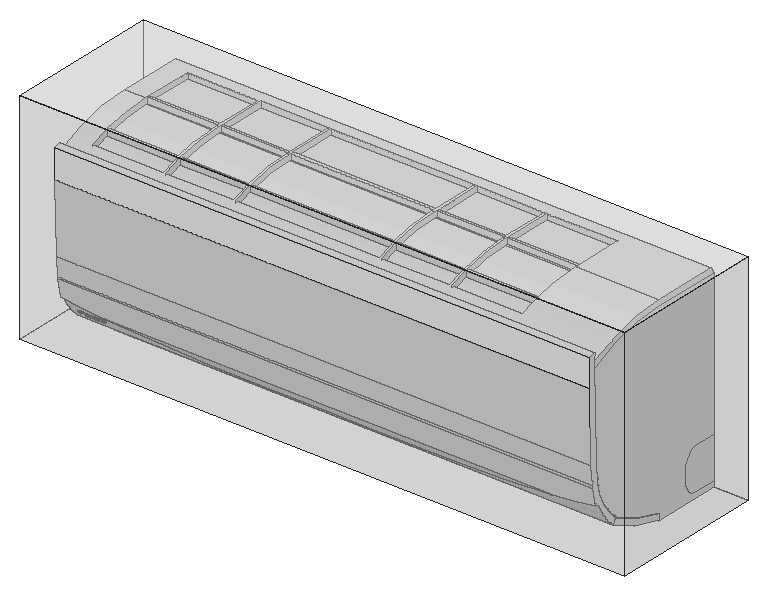
Revit family "outputfile", category 機械設備, Revit 2024
Family settings
  丸型コネクタ寸法 = 半径を使用
  パーツ タイプ = 標準
  OmniClass 番号 = 23.75.10.24.21.27.27
  OmniClass タイトル = Split System Air Conditioning Units
  作業面ベース = いいえ
  常に垂直 = はい
  ロード時にボイドで切り取り = いいえ
  注釈の向きを維持 = いいえ
  共有 = いいえ
  部屋計算ポイント = いいえ
Parameters (values of type "FTKM25Q2VMA")
  書き出し IFC クラス(タイプ) = "IfcUnitaryEquipmentType"
  定義済み IFC タイプ(タイプ) = "AIRCONDITIONINGUNIT"
  Cost = 0
  Type Comments = ""
  Keynote = ""
  Type Image = (empty or 0)
  Assembly Code = ""
  w_wall hole = if(Width = 770.0 mm, 48.0 mm, 60.0 mm)  # 48.0 mm
  製造元 = "Daikin"
  モデル = "FTKM25Q2VMA"
  switch_frequency = yes
  r_Liquid Pipe Size = Liquid Pipe Size / 2  # 3.2 mm
  r_Gas Pipe Size = Gas Pipe Size / 2  # 4.75 mm
  r_Drain Pipe Size = Drain Pipe Size / 2  # 8.0 mm
  lw_powersupply [instance] = if(Width = 770.0 mm, if(or(Rear Right Connection_refrigerant, Bottom Right Connection_refrigerant), 25.0 mm, if(or(Rear Left Connection_refrigerant, Bottom Left Connection_refrigerant), 745.0 mm, 400.0 mm)), if(Width = 990.0 mm, if(or(Rear Right Connection_refrigerant, Bottom Right Connection_refrigerant), 40.0 mm, if(or(Rear Left Connection_refrigerant, Bottom Left Connection_refrigerant), 920.0 mm, 400.0 mm)), if(or(Rear Right Connection_refrigerant, Bottom Right Connection_refrigerant), 40.0 mm, if(or(Rear Left Connection_refrigerant, Bottom Left Connection_refrigerant), 920.0 mm, 400.0 mm))))  # 400.0 mm
  lw_liquidpipe [instance] = if(Width = 770.0 mm, if(or(Rear Right Connection_refrigerant, Bottom Right Connection_refrigerant), 0.0 mm, if(or(Rear Left Connection_refrigerant, Bottom Left Connection_refrigerant), 664.0 mm, 385.0 mm)), if(Width = 990.0 mm, if(or(Rear Right Connection_refrigerant, Bottom Right Connection_refrigerant), 0.0 mm, if(or(Rear Left Connection_refrigerant, Bottom Left Connection_refrigerant), 664.0 mm + (990.0 mm - 770.0 mm), 475.0 mm)), if(or(Rear Right Connection_refrigerant, Bottom Right Connection_refrigerant), 0.0 mm, if(or(Rear Left Connection_refrigerant, Bottom Left Connection_refrigerant), 664.0 mm + (990.0 mm - 770.0 mm), 475.0 mm))))  # 385.0 mm
  lw_gaspipe [instance] = if(Width = 770.0 mm, if(or(Rear Right Connection_refrigerant, Bottom Right Connection_refrigerant), 0.0 mm, if(or(Rear Left Connection_refrigerant, Bottom Left Connection_refrigerant), 675.0 mm, if(Gas Pipe Size = 12.7 mm, 345.0 mm, 335.0 mm))), if(Width = 990.0 mm, if(or(Rear Right Connection_refrigerant, Bottom Right Connection_refrigerant), 10.0 mm, if(or(Rear Left Connection_refrigerant, Bottom Left Connection_refrigerant), 890.0 mm, if(Gas Pipe Size = 15.9 mm, 410.0 mm, 400.0 mm))), if(or(Rear Right Connection_refrigerant, Bottom Right Connection_refrigerant), 10.0 mm, if(or(Rear Left Connection_refrigerant, Bottom Left Connection_refrigerant), 890.0 mm, if(Gas Pipe Size = 15.9 mm, 410.0 mm, 400.0 mm)))))  # 335.0 mm
  lw_drainpipe [instance] = if(Width = 770.0 mm, if(or(Rear Right Connection_refrigerant, Bottom Right Connection_refrigerant), 0.0 mm, if(or(Rear Left Connection_refrigerant, Bottom Left Connection_refrigerant), 770.0 mm - 48.0 mm - 48.0 mm, 440.0 mm)), if(Width = 990.0 mm, if(or(Rear Right Connection_refrigerant, Bottom Right Connection_refrigerant), 0.0 mm, if(or(Rear Left Connection_refrigerant, Bottom Left Connection_refrigerant), 675.0 mm + (990.0 mm - 770.0 mm), 435.0 mm)), if(or(Rear Right Connection_refrigerant, Bottom Right Connection_refrigerant), 0.0 mm, if(or(Rear Left Connection_refrigerant, Bottom Left Connection_refrigerant), 675.0 mm + (990.0 mm - 770.0 mm), 435.0 mm))))  # 440.0 mm
  l_powersupply_length [instance] = if(Width = 770.0 mm, if(Right Connection_refrigerant, 400.0 mm, if(Left Connection_refrigerant, 770.0 mm - 400.0 mm, if(or(Rear Left Connection_refrigerant, Rear Right Connection_refrigerant), 15.0 mm, 50.0 mm))), if(Width = 990.0 mm, if(Right Connection_refrigerant, 400.0 mm, if(Left Connection_refrigerant, 990.0 mm - 400.0 mm, if(or(Rear Left Connection_refrigerant, Rear Right Connection_refrigerant), 15.0 mm, 50.0 mm))), if(Right Connection_refrigerant, 400.0 mm, if(Left Connection_refrigerant, 990.0 mm - 400.0 mm, if(or(Rear Left Connection_refrigerant, Rear Right Connection_refrigerant), 15.0 mm, 50.0 mm)))))  # 400.0 mm
  l_liquidpipe_length [instance] = if(Width = 770.0 mm, if(Right Connection_refrigerant, 433.0 mm, if(Left Connection_refrigerant, 337.0 mm, if(or(Rear Left Connection_refrigerant, Rear Right Connection_refrigerant), 30.0 mm, 40.0 mm))), if(Width = 990.0 mm, if(Right Connection_refrigerant, 535.0 mm, if(Left Connection_refrigerant, 455.0 mm, if(or(Rear Left Connection_refrigerant, Rear Right Connection_refrigerant), 30.0 mm, 40.0 mm))), if(Right Connection_refrigerant, 535.0 mm, if(Left Connection_refrigerant, 455.0 mm, if(or(Rear Left Connection_refrigerant, Rear Right Connection_refrigerant), 30.0 mm, 40.0 mm)))))  # 433.0 mm
  l_gaspipe_length [instance] = if(Width = 770.0 mm, if(Right Connection_refrigerant, if(Gas Pipe Size = 12.7 mm, 393.0 mm, 383.0 mm), if(Left Connection_refrigerant, if(Gas Pipe Size = 12.7 mm, 770.0 mm - 393.0 mm, 770.0 mm - 383.0 mm), if(or(Rear Left Connection_refrigerant, Rear Right Connection_refrigerant), 40.0 mm, 50.0 mm))), if(Width = 990.0 mm, if(Right Connection_refrigerant, if(Gas Pipe Size = 15.9 mm, 470.0 mm, 460.0 mm), if(Left Connection_refrigerant, if(Gas Pipe Size = 15.9 mm, 990.0 mm - 470.0 mm, 990.0 mm - 460.0 mm), if(or(Rear Left Connection_refrigerant, Rear Right Connection_refrigerant), 40.0 mm, 50.0 mm))), if(Right Connection_refrigerant, if(Gas Pipe Size = 15.9 mm, 470.0 mm, 460.0 mm), if(Left Connection_refrigerant, if(Gas Pipe Size = 15.9 mm, 990.0 mm - 470.0 mm, 990.0 mm - 460.0 mm), if(or(Rear Left Connection_refrigerant, Rear Right Connection_refrigerant), 40.0 mm, 50.0 mm)))))  # 383.0 mm
  l_drainpipe_length [instance] = if(Width = 770.0 mm, if(Right Connection_refrigerant, 488.0 mm, if(Left Connection_refrigerant, 282.0 mm, if(or(Rear Left Connection_refrigerant, Rear Right Connection_refrigerant), 15.0 mm, 20.0 mm))), if(Width = 990.0 mm, if(Right Connection_refrigerant, 495.0 mm, if(Left Connection_refrigerant, 495.0 mm, if(or(Rear Left Connection_refrigerant, Rear Right Connection_refrigerant), 15.0 mm, 20.0 mm))), if(Right Connection_refrigerant, 495.0 mm, if(Left Connection_refrigerant, 495.0 mm, if(or(Rear Left Connection_refrigerant, Rear Right Connection_refrigerant), 15.0 mm, 20.0 mm)))))  # 488.0 mm
  h*** = 0.0 mm  # constant formula
  connector_voltage = Voltage_50Hz  # 230 V
  connector_powerinput = [Power Input (Cooling)]  # 0.000 kW
  connector_phase = Phase_50Hz  # 1
  angle_vertical [instance] = if(or(Bottom Left Connection_refrigerant, Bottom Right Connection_refrigerant), 0.00°, 90.00°)  # 90.00°
  angle_horizontal [instance] = if(Right Connection_refrigerant, 90.00°, if(Left Connection_refrigerant, -90.00°, if(or(Rear Left Connection_refrigerant, Rear Right Connection_refrigerant), 180.00°, 0.00°)))  # 90.00°
  Width = 770.0 mm
  Voltage_comment_50Hz = "220 - 240"
  Voltage_50Hz = 230 V
  Version = "ver.1.0"
  Unit Type = "Wall Mounted"
  Unit Mass Weight = 9.00 kg
  Unit Designation [instance] = ""
  Uniclass2015Version = "Products v1.30"
  Uniclass2015Title = "Split coil room air conditioning units"
  Uniclass2015Code = "Pr_70_65_03_86"
  URL = ""
  Total Cooling Capacity [instance] = 0.000 kW
  Sound Pressure Level_M speed (dBA) = 32
  Sound Pressure Level_L speed (dBA) = 25
  Sound Pressure Level_H speed (dBA) = 40
  Sound Power Level_H speed (dB) = 0
  Series = "Single Split_Fan Coil Unit"
  Sensible Cooling Capacity [instance] = 0.000 kW
  Refrigerant Type = "R32"
  Power Input (Cooling) = 0.000 kW
  Phase_50Hz = 1
  Option Accessory 3 [instance] = ""
  Option Accessory 2 [instance] = ""
  Option Accessory 1 [instance] = ""
  Nominal Cooling Capacity = 2.500 kW
  Minimum Circuit Amps_50Hz = 0.0 A
  Minimum Airflow = 300.00 m³/h
  Median Airflow = 426.00 m³/h
  Maximum Fuse Amps_50Hz = 0.0 A
  Maximum Airflow = 600.00 m³/h
  Material_Casing = DAIKIN_PureWhite_Casing_indoorunit
  Load Classification = HVAC
  Liquid Pipe Size = 6.4 mm
  Link_Nested Family [instance] = ""
  IfcVersion = ""
  IfcExportType = "AIRCONDITIONINGUNIT"
  IfcExportAs = "IfcUnitaryEquipmentType"
  Height = 285.0 mm
  Heat Exchanger Type = "Cross Fin Coil"
  Gas Pipe Size = 9.5 mm
  Frequency_50Hz = 50 Hz
  Fan Type = "Cross Flow Fan"
  Fan Drive = "Direct Drive"
  FCU Tag No. [instance] = ""
  Drain Pipe Size = 16.0 mm
  Design Supply Airflow [instance] = 0.00 m³/h
  Description = ""
  Depth = 223.0 mm
  既定の高さ = 0.0 mm
  Cooling Entering Wet Bulb Temperature [instance] = 0.00 °C
  Cooling Entering Dry Bulb Temperature [instance] = 0.00 °C
  Cooling Ambient Wet Bulb Temperature [instance] = 0.00 °C
  Cooling Ambient Dry Bulb Temperature [instance] = 0.00 °C
  Clearance visibility [instance] = yes
  Clearance Top = 30.0 mm
  Clearance Right = 50.0 mm
  Clearance Rear = 0.0 mm
  Clearance Left = 50.0 mm
  Clearance Front = 0.0 mm
  Clearance Bottom = 0.0 mm
  Bottom Right Connection_refrigerant [instance] = no
  Bottom Left Connection_refrigerant [instance] = no
  Rear Right Connection_refrigerant [instance] = no
  Rear Left Connection_refrigerant [instance] = no
  Right Connection_refrigerant [instance] = yes
  Left Connection_refrigerant [instance] = no
Reference planes
  plane 1 "Back": y = 0
  plane 2: z = 0
  plane 3 "Center (Left/Right)": x = 0
  plane 4 "Center (Front/Back)": y = -111.5
  plane 5 "Front": y = -223
  plane 6 "Left": x = -385
  plane 7 "Right": x = 385
  plane 8 "Top": z = 0
  plane 9 "Bottom": z = -285
  plane 10: x = -435
  plane 11: x = 435
  plane 12: y = 0
  plane 13: y = -223
  plane 14: z = 30
  plane 15: z = -285
  plane 16 "lw_Piping and Wiring intake": x = 337
  plane 17 "lw_gaspipe": x = 2
  plane 18 "lw_liquidpipe": x = -48
  plane 19 "lw_drainpipe": x = -103
  plane 20 "lh_drainpipe": z = -265
  plane 21 "lh_liquidpipe": z = -245
  plane 22 "lh_gaspipe": z = -235
  plane 23 "ld_drainpipe": y = -15
  plane 24 "ld_liquidpipe": y = -30
  plane 25 "ld_gaspipe": y = -40
  plane 26 "lw_powersupply": x = -15
Dimensions and locks
  equal spacing: plane 6 "Left", plane 3 "Center (Left/Right)", plane 7 "Right"
  "Width": plane 6 "Left" to plane 7 "Right"
  equal spacing: plane 5 "Front", plane 4 "Center (Front/Back)", plane 1 "Back"
  "Depth": plane 5 "Front" to plane 1 "Back"
  "Height": plane 8 "Top" to plane 9 "Bottom"
  "Clearance Rear": plane 12 to plane 1 "Back"
  "Clearance Front": plane 13 to plane 5 "Front"
  "Clearance Top": plane 14 to plane 8 "Top"
  "Clearance Bottom": plane 9 "Bottom" to plane 15
  "w_wall hole": plane 16 "lw_Piping and Wiring intake" to plane 7 "Right"
  "lw_gaspipe": plane 17 "lw_gaspipe" to plane 16 "lw_Piping and Wiring intake"
  "lw_liquidpipe": plane 18 "lw_liquidpipe" to plane 16 "lw_Piping and Wiring intake"
  "lw_drainpipe": plane 19 "lw_drainpipe" to plane 16 "lw_Piping and Wiring intake"
  locked: plane 20 "lh_drainpipe" to plane 9 "Bottom" at 20
  locked: plane 21 "lh_liquidpipe" to plane 9 "Bottom" at 40
  locked: plane 22 "lh_gaspipe" to plane 9 "Bottom" at 50
  locked: plane 23 "ld_drainpipe" to plane 1 "Back" at 15
  locked: plane 1 "Back" to plane 24 "ld_liquidpipe" at 30
  locked: plane 1 "Back" to plane 25 "ld_gaspipe" at 40
  "lw_powersupply": plane 26 "lw_powersupply" to plane 7 "Right"
  "Clearance Right": plane 7 "Right" to plane 11
  "Clearance Left": plane 10 to plane 6 "Left"
  aligned and locked: level to plane 2
  aligned and locked: plane 12 to nested 1
  aligned and locked: nested 1 to plane 13
  aligned and locked: plane 10 to nested 1
  aligned and locked: plane 11 to nested 1
  aligned and locked: plane 15 to nested 1
  aligned and locked: plane 14 to nested 1
  aligned and locked: plane 17 "lw_gaspipe" to nested 2
  aligned and locked: nested 2 to plane 25 "ld_gaspipe"
  aligned and locked: plane 18 "lw_liquidpipe" to nested 3
  aligned and locked: nested 3 to plane 24 "ld_liquidpipe"
  aligned and locked: plane 19 "lw_drainpipe" to nested 4
  aligned and locked: nested 4 to plane 23 "ld_drainpipe"
  aligned and locked: nested 5 to plane 23 "ld_drainpipe"
  aligned and locked: plane 26 "lw_powersupply" to nested 5
  aligned and locked: level to plane 8 "Top"
  aligned and locked: plane 3 "Center (Left/Right)" to nested 6
  aligned and locked: plane 1 "Back" to nested 6
  aligned and locked: plane 8 "Top" to nested 6
Nested families
  nested 1: "daikin_clearancespace" at (0, -111.5, -127.381), show <- "Clearance visibility", visible <- "Clearance visibility", Link_Nested Family <- "Link_Nested Family", type "daikin_clearancespace"
    with width 870.0 mm, show yes, height 315.0 mm, depth 223.0 mm, Link_Nested Family ""
  nested 2: "daikin_connector_rotate3" at (2, -40, -235), angle_vertical <- "angle_vertical", angle_horizontal <- "angle_horizontal", length <- "l_gaspipe_length", radius <- "r_Gas Pipe Size", type "daikin_connector_rotate3"
    with show no, radius 4.75 mm, length 383.0 mm, angle_vertical 90.00°, angle_horizontal 90.00°
  nested 3: "daikin_connector_rotate3" at (-48, -30, -245), angle_vertical <- "angle_vertical", angle_horizontal <- "angle_horizontal", radius <- "r_Liquid Pipe Size", length <- "l_liquidpipe_length", type "daikin_connector_rotate3"
    with show no, radius 3.2 mm, length 433.0 mm, angle_vertical 90.00°, angle_horizontal 90.00°
  nested 4: "daikin_connector_rotate3" at (-103, -15, -265), angle_vertical <- "angle_vertical", angle_horizontal <- "angle_horizontal", length <- "l_drainpipe_length", radius <- "r_Drain Pipe Size", type "daikin_connector_rotate3"
    with show no, radius 8.0 mm, length 488.0 mm, angle_vertical 90.00°, angle_horizontal 90.00°
  nested 5: "daikin_connector_rotate3" at (-15, -15, -235), angle_vertical <- "angle_vertical", angle_horizontal <- "angle_horizontal", length <- "l_powersupply_length", type "daikin_connector_rotate3"
    with show no, radius 10.0 mm, length 400.0 mm, angle_vertical 90.00°, angle_horizontal 90.00°
  nested 6: "DAIKIN_indoorunit_FTKM-Q2VMA" at (-31, 0, 0), type "FTKM-Q2VMA"
Connectors
  piping at (385, -40, -235), diameter 9.5, driven by "r_Gas Pipe Size"
    settings: on nested 2, index 1, connector inside diameter 609.6 mm, connector length 0.0 mm, flow factor 0, pipe flow 0.00 m³/h, pressure drop 0.0 Pa, fitting loss kfactor 0, connector angle 0.00°, fixture units 0, engagement length 0.0 mm, angle of deflection 0.00°, flow configuration 1, flow direction 2, fitting loss method 0, system type 29, joint type 0, gender type 0, connector reference index -1, connector utility 0, adjustable connector no, is connector primary yes, connector description "Refrigerant Gas Piping"
  piping at (385, -30, -245), diameter 6.4, driven by "r_Liquid Pipe Size"
    settings: on nested 3, index 2, connector inside diameter 609.6 mm, connector length 0.0 mm, flow factor 0, pipe flow 0.00 m³/h, pressure drop 0.0 Pa, fitting loss kfactor 0, connector angle 0.00°, fixture units 0, engagement length 0.0 mm, angle of deflection 0.00°, flow configuration 1, flow direction 1, fitting loss method 0, system type 29, joint type 0, gender type 0, connector reference index -1, connector utility 0, adjustable connector no, is connector primary no, connector description "Refrigerant Liquid Piping"
  piping at (385, -15, -265), diameter 16, driven by "r_Drain Pipe Size"
    settings: on nested 4, index 3, connector inside diameter 609.6 mm, connector length 0.0 mm, flow factor 0, pipe flow 0.00 m³/h, pressure drop 0.0 Pa, fitting loss kfactor 0, connector angle 0.00°, fixture units 0, engagement length 0.0 mm, angle of deflection 0.00°, flow configuration 1, flow direction 2, fitting loss method 4, system type 16, joint type 0, gender type 0, connector reference index -1, connector utility 0, adjustable connector no, is connector primary no, connector description "Condensate Drain Piping"
  electrical at (385, -15, -235), driven by "Load Classification", driven by "connector_powerinput", driven by "connector_voltage", driven by "connector_phase"
    settings: on nested 5, index 4, voltage 230 V, apparent load 0 VA, apparent load phase1 0 VA, apparent load phase2 0 VA, apparent load phase3 0 VA, power factor 1, load classification "HVAC", number of poles 1, system type 30, power factor state 1, is connector primary yes, connector utility no, sub classification motor no, connector description "Power Supply"
Definition of nested family "daikin_clearancespace"
  Parameters (values of type "daikin_clearancespace")
    Description = "daikin_clearancespace"
    width [instance] = 1823.963 mm
    show [instance] = yes
    material = none
    height [instance] = 1359.762 mm
    depth [instance] = 880.0 mm
    Default Elevation = 0.0 mm
    Link_Nested Family [instance] = ""
  Reference planes
    plane 1 "Center (Front/Back)": y = 0
    plane 2 "Center (Elevation)": z = -0.119
    plane 3 "Center (Left/Right)": x = 0
    plane 4: y = 440
    plane 5: y = -440
    plane 6 "Right": x = 911.982
    plane 7 "Left": x = -911.982
    plane 8 "Top": z = 679.762
    plane 9 "Bottom": z = -680
  Forms (mm)
    Extrusion 1, solid, material <- "material", visible <- "show"
      sketch origin (0, 0, 0) x (1, 0, 0) y (0, 1, 0)
        loop
          line (-911.982, 440) -> (-911.982, -440) -> (911.982, -440) -> (911.982, 440) -> (-911.982, 440)
      from -680 to 679.762
  Lines and regions (mm)
    symbolic lines, visible <- "show"
      curve 1: line (911.982, 440, 0) -> (-911.982, 440, 0)
      curve 2: line (-911.982, 440, 0) -> (-911.982, -440, 0)
      curve 3: line (-911.982, -440, 0) -> (911.982, -440, 0)
      curve 4: line (911.982, -440, 0) -> (911.982, 440, 0)
      curve 5: line (911.982, 0, 679.762) -> (-911.982, 0, 679.762)
      curve 6: line (911.982, 0, -680) -> (911.982, 0, 679.762)
      curve 7: line (-911.982, 0, -680) -> (911.982, 0, -680)
      curve 8: line (-911.982, 0, 679.762) -> (-911.982, 0, -680)
      curve 9: line (0, 440, 679.762) -> (0, -440, 679.762)
      curve 10: line (0, -440, 679.762) -> (0, -440, -680)
      curve 11: line (0, 440, -680) -> (0, 440, 679.762)
      curve 12: line (0, -440, -680) -> (0, 440, -680)
  Dimensions and locks
    "width": plane 7 "Left" to plane 6 "Right"
    "depth": plane 4 to plane 5
    "height": plane 8 "Top" to plane 9 "Bottom"
    equal spacing: plane 7 "Left", plane 3 "Center (Left/Right)", plane 6 "Right"
    equal spacing: plane 4, plane 1 "Center (Front/Back)", plane 5
    equal spacing: plane 8 "Top", plane 2 "Center (Elevation)", plane 9 "Bottom"
    aligned and locked: level to plane 2 "Center (Elevation)"
    aligned and locked: Extrusion 1 sketch curve to plane 4
    aligned and locked: plane 7 "Left" to Extrusion 1 sketch curve
    aligned and locked: Extrusion 1 sketch curve to plane 5
    aligned and locked: Extrusion 1 sketch curve to plane 6 "Right"
    aligned and locked: plane 8 "Top" to Extrusion 1
    aligned and locked: curve 1 to Extrusion 1
    aligned and locked: curve 2 to Extrusion 1
    aligned and locked: curve 3 to Extrusion 1
    aligned and locked: curve 4 to Extrusion 1
    aligned and locked: curve 5 to Extrusion 1
    aligned and locked: curve 6 to Extrusion 1
    aligned and locked: curve 7 to Extrusion 1
    aligned and locked: curve 8 to Extrusion 1
    aligned and locked: curve 9 to Extrusion 1
    aligned and locked: curve 10 to Extrusion 1
    aligned and locked: curve 11 to Extrusion 1
    aligned and locked: curve 12 to Extrusion 1
    aligned and locked: Extrusion 1 to plane 9 "Bottom"
Definition of nested family "DAIKIN_indoorunit_FTKM-Q2VMA"
  Parameters (values of type "FTKM-QVMA")
    switch_unit1_50-71 = Width = 990.0 mm  # no
    switch_unit1_20-46 = Width = 770.0 mm  # yes
    Width = 770.0 mm
    WALL HOLE-R = if(Width = 770.0 mm, 48.0 mm, 60.0 mm)  # 48.0 mm
    WALL HOLE Size = if(Width = 770.0 mm, 65.0 mm, 80.0 mm)  # 65.0 mm
    Material_Casing = none
    Height = if(Width = 770.0 mm, 285.0 mm, 295.0 mm)  # 285.0 mm
    Default Elevation = 0.0 mm
  Reference planes
    plane 1 "Center (Front/Back)": y = 0
    plane 2 "reference_level": z = 0
    plane 3 "Center (Left/Right)": x = 31
    plane 4: x = -354
    plane 5: x = 416
    plane 6: z = -285
  Forms (mm)
    Extrusion 1, solid, material <- "Material_Casing", visible <- "switch_unit1_20-46"
      sketch origin (29, 0, 0) x (0, 1, 0) y (0, 0, 1)
        loop
          line (-5, 0) -> (-98, 0)
          arc (-98, 0) -> (-157.611, -7.211) -> (-213.783, -28.427) r 250
          arc (-213.783, -28.427) -> (-213.842, -32.972) -> (-213.892, -37.516) r 2191
          arc (-213.892, -37.516) -> (-157.832, -15.495) -> (-98.07, -8) r 242
          line (-98.07, -8) -> (0, -8) -> (-5, 0)
      from -383 to 387
    Extrusion 2, solid, material <- "Material_Casing", visible <- "switch_unit1_20-46"
      sketch origin (416, 1296.25, 1200) x (0, 1, 0) y (0, 0, 1)
        loop
          line (-1472.998, -1446.91) -> (-1476.998, -1453.839)
          arc (-1476.998, -1453.839) -> (-1437.481, -1472.422) -> (-1395.25, -1483.538) r 240
          line (-1395.25, -1483.538) -> (-1395.25, -1475.422)
          arc (-1395.25, -1475.422) -> (-1435.407, -1464.663) -> (-1472.998, -1446.91) r 232
      from 0 to -47.5
    Extrusion 3, solid, material <- "Material_Casing", visible <- "switch_unit1_20-46"
      sketch origin (29, 0, 0) x (0, 1, 0) y (0, 0, 1)
        loop
          arc (-223, -60.455) -> (-222.414, -110.646) -> (-220.656, -160.81) r 2149.92
          arc (-220.656, -160.81) -> (-219.65, -174.299) -> (-217.853, -187.706) r 229.911
          arc (-217.853, -187.706) -> (-205.371, -223.594) -> (-181.517, -253.17) r 111
          line (-181.517, -253.17) -> (-177.429, -246.093)
          arc (-177.429, -246.093) -> (-198.77, -218.989) -> (-209.965, -186.36) r 103
          arc (-209.965, -186.36) -> (-211.681, -173.586) -> (-212.651, -160.735) r 221.844
          arc (-212.651, -160.735) -> (-214.739, -93.233) -> (-214.74, -25.699) r 2186.828
          arc (-214.74, -25.699) -> (-214.671, -21.467) -> (-214.594, -17.235) r 2192
          line (-214.594, -17.235) -> (-223, -19.961) -> (-223, -60.455)
      from -383 to 387
    Extrusion 4, solid, material <- "Material_Casing", visible <- "switch_unit1_20-46"
      sketch origin (29, 0, 0) x (0, 1, 0) y (0, 0, 1)
        loop
          line (-181.517, -253.17) -> (-179.597, -249.846)
          arc (-179.597, -249.846) -> (-202.009, -221.399) -> (-213.189, -186.952) r 103
          line (-213.189, -186.952) -> (-217.853, -187.706)
          arc (-217.853, -187.706) -> (-217.533, -189.556) -> (-217.182, -191.4) r 111
          arc (-217.182, -191.4) -> (-213.806, -208.181) -> (-210.362, -224.948) r 4257.809
          arc (-210.362, -224.948) -> (-198.886, -237.857) -> (-186.225, -249.607) r 180
          line (-186.225, -249.607) -> (-181.517, -253.17)
      from -383 to 387
    Extrusion 5, solid, material <- "Material_Casing", visible <- "switch_unit1_20-46"
      sketch origin (29, 0, -20) x (0, 1, 0) y (0, 0, 1)
        loop
          line (0, -265) -> (0, 12) -> (-98.07, 12)
          arc (-98.07, 12) -> (-157.832, 4.505) -> (-213.892, -17.516) r 242
          arc (-213.892, -17.516) -> (-213.638, -79.114) -> (-211.653, -140.681) r 2191
          arc (-211.653, -140.681) -> (-210.685, -153.501) -> (-208.973, -166.243) r 221
          arc (-208.973, -166.243) -> (-197.471, -199.282) -> (-175.482, -226.491) r 102
          arc (-175.482, -226.491) -> (-138.004, -244.019) -> (-98, -254.579) r 231
          line (-98, -254.579) -> (-98, -265) -> (0, -265)
      from -383 to 387
    Extrusion 6, solid, material <- "Material_Casing", visible <- "switch_unit1_20-46"
      sketch origin (-354, 1296.25, 1200) x (0, 1, 0) y (0, 0, 1)
        loop
          line (-1472.998, -1446.91) -> (-1476.998, -1453.839)
          arc (-1476.998, -1453.839) -> (-1437.481, -1472.422) -> (-1395.25, -1483.538) r 240
          line (-1395.25, -1483.538) -> (-1395.25, -1475.422)
          arc (-1395.25, -1475.422) -> (-1435.407, -1464.663) -> (-1472.998, -1446.91) r 232
      from 47 to 0
    Extrusion 7, solid, material <- "Material_Casing", visible <- "switch_unit1_20-46"
      sketch origin (416, 1296.25, 1200) x (0, 1, 0) y (0, 0, 1)
        loop
          line (-1472.998, -1446.91) -> (-1476.998, -1453.839)
          arc (-1476.998, -1453.839) -> (-1443.437, -1470.168) -> (-1407.75, -1481.097) r 240
          line (-1407.75, -1481.097) -> (-1407.75, -1472.894)
          arc (-1407.75, -1472.894) -> (-1441.363, -1462.385) -> (-1472.998, -1446.91) r 232
      from -116.993 to -48.493
    Extrusion 8, solid, material <- "Material_Casing", visible <- "switch_unit1_20-46"
      sketch origin (416, 1296.25, 1200) x (0, 1, 0) y (0, 0, 1)
        loop
          line (-1472.998, -1446.91) -> (-1476.998, -1453.839)
          arc (-1476.998, -1453.839) -> (-1443.437, -1470.168) -> (-1407.75, -1481.097) r 240
          line (-1407.75, -1481.097) -> (-1407.75, -1472.894)
          arc (-1407.75, -1472.894) -> (-1441.363, -1462.385) -> (-1472.998, -1446.91) r 232
      from -717 to -121.993
    Extrusion 9, void
      sketch origin (31, 0, -235) x (1, 0, 0) y (0, 1, 0)
        loop
          line (-252.674, -22.316) -> (-354.941, -22.316) -> (-354.941, -91.341) -> (-252.674, -91.341) -> (-252.674, -22.316)
        loop
          line (-249.341, -91.341) -> (-151.574, -91.341) -> (-151.574, -22.316) -> (-249.341, -22.316) -> (-249.341, -91.341)
        loop
          line (58.309, -22.316) -> (-148.309, -22.316) -> (-148.309, -91.341) -> (58.309, -91.341) -> (58.309, -22.316)
        loop
          line (61.689, -22.316) -> (61.689, -91.341) -> (159.457, -91.341) -> (159.457, -22.316) -> (61.689, -22.316)
        loop
          line (162.789, -22.316) -> (162.789, -91.341) -> (265.057, -91.341) -> (265.057, -22.316) -> (162.789, -22.316)
        loop
          line (-354.941, -94.659) -> (-354.941, -165.259) -> (-252.674, -165.259) -> (-252.674, -94.659) -> (-354.941, -94.659)
        loop
          line (-249.341, -94.659) -> (-249.341, -165.259) -> (-151.574, -165.259) -> (-151.574, -94.659) -> (-249.341, -94.659)
        loop
          line (-148.309, -94.659) -> (-148.309, -165.259) -> (58.309, -165.259) -> (58.309, -94.659) -> (-148.309, -94.659)
        loop
          line (61.689, -94.659) -> (61.689, -165.259) -> (159.457, -165.259) -> (159.457, -94.659) -> (61.689, -94.659)
        loop
          line (162.789, -94.659) -> (162.789, -165.259) -> (265.057, -165.259) -> (265.057, -94.659) -> (162.789, -94.659)
        loop
          line (-354.941, -167.382) -> (-354.941, -192.681) -> (-252.674, -192.681) -> (-252.674, -167.382) -> (-354.941, -167.382)
        loop
          line (-249.341, -167.382) -> (-249.341, -192.681) -> (-151.574, -192.681) -> (-151.574, -167.382) -> (-249.341, -167.382)
        loop
          line (-148.309, -167.382) -> (-148.309, -192.681) -> (58.309, -192.681) -> (58.309, -167.382) -> (-148.309, -167.382)
        loop
          line (159.457, -167.382) -> (61.689, -167.382) -> (61.689, -192.681) -> (159.457, -192.681) -> (159.457, -167.382)
        loop
          line (265.057, -167.382) -> (162.789, -167.382) -> (162.789, -192.681) -> (265.057, -192.681) -> (265.057, -167.382)
      from 201.638 to 250
    Extrusion 10, void
      sketch origin (31, 0, 0) x (1, 0, 0) y (0, 0, 1)
        loop
          arc (597, -174.907) -> (0.056, -245.263) -> (-597, -175.856) r 2585.042
          line (-597, -175.856) -> (-597, -352.872) -> (597, -352.872) -> (597, -174.907)
      from 173 to 315.3
    Extrusion 11, solid, material <- "Material_Casing"
      sketch origin (31, 0, 0) x (1, 0, 0) y (0, 0, 1)
        loop
          circle (337, -240.5) r 32.5
        loop
          circle (-337, -240.5) r 32.5
      from 0 to 5
    Extrusion 12, solid, material <- "Material_Casing", visible <- "switch_unit1_20-46"
      sketch origin (416, 1296.25, 1200) x (0, -1, 0) y (0, 0, 1)
        loop
          line (1326.25, -1417) -> (1296.25, -1417) -> (1296.25, -1477) -> (1326.25, -1477)
          arc (1326.25, -1477) -> (1340.393, -1471.142) -> (1346.25, -1457) r 20
          line (1346.25, -1457) -> (1346.25, -1437)
          arc (1346.25, -1437) -> (1340.393, -1422.858) -> (1326.25, -1417) r 20
      from 0 to 5
    Extrusion 13, solid, material <- "Material_Casing", visible <- "switch_unit1_20-46"
      sketch origin (-354, 1296.25, 1200) x (0, 1, 0) y (0, 0, 1)
        loop
          line (-1296.25, -1417) -> (-1326.25, -1417)
          arc (-1326.25, -1417) -> (-1340.393, -1422.858) -> (-1346.25, -1437) r 20
          line (-1346.25, -1437) -> (-1346.25, -1457)
          arc (-1346.25, -1457) -> (-1340.393, -1471.142) -> (-1326.25, -1477) r 20
          line (-1326.25, -1477) -> (-1296.25, -1477) -> (-1296.25, -1417)
      from 0 to 5
    Extrusion 14, solid, material <- "Material_Casing", visible <- "switch_unit1_20-46"
      sketch origin (31, 0, -285) x (-1, 0, 0) y (0, -1, 0)
        loop
          line (-314, 0) -> (-314, 30)
          arc (-314, 30) -> (-319.858, 44.142) -> (-334, 50) r 20
          line (-334, 50) -> (-354, 50)
          arc (-354, 50) -> (-368.142, 44.142) -> (-374, 30) r 20
          line (-374, 30) -> (-374, 0) -> (-314, 0)
        loop
          line (374, 0) -> (374, 30)
          arc (374, 30) -> (368.142, 44.142) -> (354, 50) r 20
          line (354, 50) -> (334, 50)
          arc (334, 50) -> (319.858, 44.142) -> (314, 30) r 20
          line (314, 30) -> (314, 0) -> (374, 0)
      from 0 to 5
    Extrusion 15, solid, material <- "Material_Casing", visible <- "switch_unit1_50-71"
      sketch origin (31, 0, 0) x (0, 1, 0) y (0, 0, 1)
        loop
          line (-5, 0) -> (-138, 0)
          arc (-138, 0) -> (-197.611, -7.211) -> (-253.783, -28.427) r 250
          arc (-253.783, -28.427) -> (-253.838, -32.687) -> (-253.886, -36.946) r 2191
          arc (-253.886, -36.946) -> (-197.73, -15.346) -> (-138.014, -8) r 246.393
          line (-138.014, -8) -> (0, -8) -> (-5, 0)
      from -495 to 495
    Extrusion 16, solid, material <- "Material_Casing", visible <- "switch_unit1_50-71"
      sketch origin (418, 1296.25, 1200) x (0, 1, 0) y (0, 0, 1)
        loop
          arc (-1515.208, -1454.149) -> (-1506.856, -1460.599) -> (-1497.925, -1466.219) r 110
          arc (-1497.925, -1466.219) -> (-1445.718, -1487.493) -> (-1389.844, -1494.995) r 223
          line (-1389.844, -1494.995) -> (-1389.844, -1486.086) -> (-1404.386, -1486.086)
          arc (-1404.386, -1486.086) -> (-1449.542, -1477.46) -> (-1491.818, -1459.402) r 214.289
          arc (-1491.818, -1459.402) -> (-1501.056, -1453.541) -> (-1509.606, -1446.715) r 101
          line (-1509.606, -1446.715) -> (-1515.208, -1454.149)
      from 108 to 57.5
    Extrusion 17, solid, material <- "Material_Casing", visible <- "switch_unit1_50-71"
      sketch origin (31, 0, 0) x (0, 1, 0) y (0, 0, 1)
        loop
          line (-263, -19.962) -> (-263, -61.6)
          arc (-263, -61.6) -> (-262.414, -110.219) -> (-260.656, -158.81) r 2017.341
          arc (-260.656, -158.81) -> (-255.648, -191.935) -> (-244.041, -223.362) r 164.725
          arc (-244.041, -223.362) -> (-233.569, -239.793) -> (-219.717, -253.495) r 87.379
          line (-219.717, -253.495) -> (-214.706, -246.846)
          arc (-214.706, -246.846) -> (-229.564, -230.029) -> (-240.385, -210.371) r 102
          arc (-240.385, -210.371) -> (-249.049, -182.962) -> (-252.848, -154.467) r 165.789
          arc (-252.848, -154.467) -> (-254.771, -90.102) -> (-254.74, -25.708) r 2122.533
          arc (-254.74, -25.708) -> (-254.671, -21.469) -> (-254.594, -17.23) r 2192
          line (-254.594, -17.23) -> (-263, -19.962)
      from -495 to 495
    Extrusion 18, void
      sketch origin (33, 0, 0) x (1, 0, 0) y (0, 1, 0)
        loop
          line (-466.909, -22.316) -> (-466.909, -111.341) -> (-366.303, -111.341) -> (-366.303, -22.316) -> (-466.909, -22.316)
        loop
          line (-362.71, -22.316) -> (-362.71, -111.341) -> (-262.103, -111.341) -> (-262.103, -22.316) -> (-362.71, -22.316)
        loop
          line (-258.51, -22.316) -> (-258.51, -111.341) -> (-157.904, -111.341) -> (-157.904, -22.316) -> (-258.51, -22.316)
        loop
          line (-154.31, -22.316) -> (-154.31, -111.341) -> (-53.704, -111.341) -> (-53.704, -22.316) -> (-154.31, -22.316)
        loop
          line (-50.11, -22.316) -> (-50.11, -111.341) -> (50.496, -111.341) -> (50.496, -22.316) -> (-50.11, -22.316)
        loop
          line (54.089, -22.316) -> (54.089, -111.341) -> (154.696, -111.341) -> (154.696, -22.316) -> (54.089, -22.316)
        loop
          line (158.289, -22.316) -> (158.289, -111.341) -> (258.895, -111.341) -> (258.895, -22.316) -> (158.289, -22.316)
        loop
          line (262.489, -22.316) -> (262.489, -111.341) -> (363.095, -111.341) -> (363.095, -22.316) -> (262.489, -22.316)
        loop
          line (-466.909, -114.459) -> (-466.909, -185.059) -> (-366.303, -185.059) -> (-366.303, -114.459) -> (-466.909, -114.459)
        loop
          line (-362.71, -114.459) -> (-362.71, -185.059) -> (-262.103, -185.059) -> (-262.103, -114.459) -> (-362.71, -114.459)
        loop
          line (-258.51, -114.459) -> (-258.51, -185.059) -> (-157.904, -185.059) -> (-157.904, -114.459) -> (-258.51, -114.459)
        loop
          line (-154.31, -114.459) -> (-154.31, -185.059) -> (-53.704, -185.059) -> (-53.704, -114.459) -> (-154.31, -114.459)
        loop
          line (-50.11, -114.459) -> (-50.11, -185.059) -> (50.496, -185.059) -> (50.496, -114.459) -> (-50.11, -114.459)
        loop
          line (54.089, -114.459) -> (54.089, -185.059) -> (154.696, -185.059) -> (154.696, -114.459) -> (54.089, -114.459)
        loop
          line (158.289, -114.459) -> (158.289, -185.059) -> (258.895, -185.059) -> (258.895, -114.459) -> (158.289, -114.459)
        loop
          line (262.489, -114.459) -> (262.489, -185.059) -> (363.095, -185.059) -> (363.095, -114.459) -> (262.489, -114.459)
        loop
          line (-466.909, -187.382) -> (-466.909, -232.681) -> (-366.303, -232.681) -> (-366.303, -187.382) -> (-466.909, -187.382)
        loop
          line (-362.71, -187.382) -> (-362.71, -232.681) -> (-262.103, -232.681) -> (-262.103, -187.382) -> (-362.71, -187.382)
        loop
          line (-258.51, -187.382) -> (-258.51, -232.681) -> (-157.904, -232.681) -> (-157.904, -187.382) -> (-258.51, -187.382)
        loop
          line (-154.31, -187.382) -> (-154.31, -232.681) -> (-53.704, -232.681) -> (-53.704, -187.382) -> (-154.31, -187.382)
        loop
          line (-50.11, -187.382) -> (-50.11, -232.681) -> (50.496, -232.681) -> (50.496, -187.382) -> (-50.11, -187.382)
        loop
          line (54.089, -187.382) -> (54.089, -232.681) -> (154.696, -232.681) -> (154.696, -187.382) -> (54.089, -187.382)
        loop
          line (158.289, -187.382) -> (158.289, -232.681) -> (258.895, -232.681) -> (258.895, -187.382) -> (158.289, -187.382)
        loop
          line (262.489, -187.382) -> (262.489, -232.681) -> (363.095, -232.681) -> (363.095, -187.382) -> (262.489, -187.382)
      from -40.013 to 47.268
    Extrusion 19, void
      sketch origin (33, 0, 2300) x (1, 0, 0) y (0, 0, 1)
        loop
          line (705, -2672.872) -> (705, -2462.4)
          arc (705, -2462.4) -> (-2.043, -2534.819) -> (-709, -2461.567) r 3467.757
          line (-709, -2461.567) -> (-709, -2672.872) -> (705, -2672.872)
      from 173 to 315.3
    Extrusion 20, solid, material <- "Material_Casing", visible <- "switch_unit1_50-71"
      sketch origin (-356, 1296.25, 1200) x (0, 1, 0) y (0, 0, -1)
        loop
          line (-1515.208, 1454.149) -> (-1509.606, 1446.715)
          arc (-1509.606, 1446.715) -> (-1501.056, 1453.541) -> (-1491.818, 1459.402) r 101
          arc (-1491.818, 1459.402) -> (-1449.542, 1477.46) -> (-1404.386, 1486.086) r 214.289
          line (-1404.386, 1486.086) -> (-1389.844, 1486.086) -> (-1389.844, 1494.995)
          arc (-1389.844, 1494.995) -> (-1445.718, 1487.493) -> (-1497.925, 1466.219) r 223
          arc (-1497.925, 1466.219) -> (-1506.856, 1460.599) -> (-1515.208, 1454.149) r 110
      from 108 to 61
    Extrusion 21, solid, material <- "Material_Casing", visible <- "switch_unit1_50-71"
      sketch origin (418, 1296.25, 1200) x (0, 1, 0) y (0, 0, 1)
        loop
          arc (-1515.208, -1454.149) -> (-1506.856, -1460.599) -> (-1497.925, -1466.219) r 110
          arc (-1497.925, -1466.219) -> (-1463.185, -1482.066) -> (-1426.25, -1491.755) r 223
          line (-1426.25, -1491.755) -> (-1426.25, -1483.166)
          arc (-1426.25, -1483.166) -> (-1460.008, -1473.969) -> (-1491.818, -1459.402) r 214.289
          arc (-1491.818, -1459.402) -> (-1501.056, -1453.541) -> (-1509.606, -1446.715) r 101
          line (-1509.606, -1446.715) -> (-1515.208, -1454.149)
      from 56.5 to -36.993
    Extrusion 22, solid, material <- "Material_Casing", visible <- "switch_unit1_50-71"
      sketch origin (418, 1296.25, 1200) x (0, 1, 0) y (0, 0, 1)
        loop
          arc (-1426.25, -1483.166) -> (-1443.442, -1479.224) -> (-1460.25, -1473.881) r 214.289
          line (-1460.25, -1473.881) -> (-1460.25, -1483.089)
          arc (-1460.25, -1483.089) -> (-1443.421, -1488.091) -> (-1426.25, -1491.755) r 223
          line (-1426.25, -1491.755) -> (-1426.25, -1483.166)
      from -43.493 to -828.893
    Extrusion 23, solid, material <- "Material_Casing", visible <- "switch_unit1_50-71"
      sketch origin (418, 1296.25, 1200) x (0, 1, 0) y (0, 0, 1)
        loop
          arc (-1515.208, -1454.149) -> (-1506.856, -1460.599) -> (-1497.925, -1466.219) r 110
          arc (-1497.925, -1466.219) -> (-1479.479, -1475.527) -> (-1460.25, -1483.089) r 223
          line (-1460.25, -1483.089) -> (-1460.25, -1473.881)
          arc (-1460.25, -1473.881) -> (-1476.328, -1467.282) -> (-1491.818, -1459.402) r 214.289
          arc (-1491.818, -1459.402) -> (-1501.056, -1453.541) -> (-1509.606, -1446.715) r 101
          line (-1509.606, -1446.715) -> (-1515.208, -1454.149)
      from -43.493 to -828.893
    Extrusion 24, solid, material <- "Material_Casing", visible <- "switch_unit1_50-71"
      sketch origin (31, 0, 0) x (0, 1, 0) y (0, 0, 1)
        loop
          arc (-217.78, -250.924) -> (-234.088, -233.307) -> (-245.826, -212.366) r 102
          arc (-245.826, -212.366) -> (-251.608, -196.062) -> (-255.659, -179.245) r 165.789
          line (-255.659, -179.245) -> (-258.299, -179.737)
          arc (-258.299, -179.737) -> (-257.524, -183.799) -> (-256.646, -187.84) r 164.725
          arc (-256.646, -187.84) -> (-252.868, -206.25) -> (-249.973, -224.82) r 393.089
          arc (-249.973, -224.82) -> (-239.237, -236.969) -> (-227.451, -248.102) r 180
          arc (-227.451, -248.102) -> (-223.723, -250.998) -> (-219.717, -253.495) r 45.878
          line (-219.717, -253.495) -> (-217.78, -250.924)
      from -495 to 495
    Extrusion 25, solid, material <- "Material_Casing", visible <- "switch_unit1_50-71"
      sketch origin (31, 0, -30) x (0, 1, 0) y (0, 0, 1)
        loop
          line (0, 22) -> (-138.014, 22)
          arc (-138.014, 22) -> (-197.73, 14.654) -> (-253.886, -6.946) r 246.393
          arc (-253.886, -6.946) -> (-253.682, -65.635) -> (-251.855, -124.295) r 2120.935
          arc (-251.855, -124.295) -> (-248.086, -152.682) -> (-239.461, -179.988) r 164.789
          arc (-239.461, -179.988) -> (-228.903, -199.231) -> (-214.437, -215.738) r 101
          line (-214.437, -215.738) -> (-212.406, -216.221)
          arc (-212.406, -216.221) -> (-204.07, -222.837) -> (-195.079, -228.53) r 100
          arc (-195.079, -228.53) -> (-145.557, -248.629) -> (-92.593, -255.785) r 213.289
          line (-92.593, -255.785) -> (-92.593, -265) -> (0, -265) -> (0, 22)
      from -495 to 495
    Extrusion 26, solid, material <- "Material_Casing", visible <- "switch_unit1_50-71"
      sketch origin (526, 1296.25, 1200) x (0, -1, 0) y (0, 0, 1)
        loop
          line (1326.25, -1427.035) -> (1296.25, -1427.035) -> (1296.25, -1487.035) -> (1326.25, -1487.035)
          arc (1326.25, -1487.035) -> (1340.393, -1481.177) -> (1346.25, -1467.035) r 20
          line (1346.25, -1467.035) -> (1346.25, -1447.035)
          arc (1346.25, -1447.035) -> (1340.393, -1432.892) -> (1326.25, -1427.035) r 20
      from 0 to 5
    Extrusion 27, solid, material <- "Material_Casing", visible <- "switch_unit1_50-71"
      sketch origin (-459, 1296.25, 1200) x (0, -1, 0) y (0, 0, 1)
        loop
          line (1326.25, -1427.035) -> (1296.25, -1427.035) -> (1296.25, -1487.035) -> (1326.25, -1487.035)
          arc (1326.25, -1487.035) -> (1340.393, -1481.177) -> (1346.25, -1467.035) r 20
          line (1346.25, -1467.035) -> (1346.25, -1447.035)
          arc (1346.25, -1447.035) -> (1340.393, -1432.892) -> (1326.25, -1427.035) r 20
      from 0 to 5
    Extrusion 28, solid, material <- "Material_Casing", visible <- "switch_unit1_50-71"
      sketch origin (31, 200, -295) x (-1, 0, 0) y (0, -1, 0)
        loop
          line (469, 200) -> (469, 230)
          arc (469, 230) -> (463.142, 244.142) -> (449, 250) r 20
          line (449, 250) -> (429, 250)
          arc (429, 250) -> (414.858, 244.142) -> (409, 230) r 20
          line (409, 230) -> (409, 200) -> (469, 200)
        loop
          line (-469, 200) -> (-409, 200) -> (-409, 230)
          arc (-409, 230) -> (-414.858, 244.142) -> (-429, 250) r 20
          line (-429, 250) -> (-449, 250)
          arc (-449, 250) -> (-463.142, 244.142) -> (-469, 230) r 20
          line (-469, 230) -> (-469, 200)
      from 0 to 5
  Cuts and joins
    Extrusion 9 cuts Extrusion 1
    Extrusion 10 cuts Extrusion 4
    joined: Extrusion 3, Extrusion 4
    Extrusion 18 cuts Extrusion 15
    Extrusion 19 cuts Extrusion 24
    joined: Extrusion 17, Extrusion 24
  Lines and regions (mm)
    reference lines
      curve 1: line (-523, -201.911, -229.404) -> (-523, -193.542, -239.977)
      curve 2: line (-523, -240.779, -229.404) -> (-523, -232.411, -239.977)
  Dimensions and locks
    locked: Extrusion 10 sketch curve to Extrusion 10 sketch curve at 1194
    Extrusion 10 sketch curve to Extrusion 10 sketch curve = 1194.0 mm
    locked: Extrusion 12 sketch curve to Extrusion 12 sketch curve at 60
    locked: Extrusion 12 sketch curve to Extrusion 12 sketch curve at 50
    locked: Extrusion 14 sketch curve to Extrusion 14 sketch curve at 60  (x2)
    locked: Extrusion 14 sketch curve to Extrusion 14 sketch curve at 50
    equal spacing: plane 5, plane 3 "Center (Left/Right)", plane 4
    "Width": plane 5 to plane 4
    locked: Extrusion 11 sketch curve to plane 4 at 48
    "WALL HOLE-R": plane 5 to Extrusion 11 sketch curve
    "Height": plane 2 "reference_level" to plane 6
    locked: Extrusion 11 sketch curve to plane 6 at 44.5  (x2)
    locked: cut or joined group of Extrusion 3, Extrusion 4, Extrusion 10 to nested 1 at 15
    locked: Extrusion 17 to nested 2 at 15
    locked: Extrusion 26 sketch curve to Extrusion 26 sketch curve at 60
    locked: Extrusion 26 sketch curve to Extrusion 26 sketch curve at 50
    locked: Extrusion 27 sketch curve to Extrusion 27 sketch curve at 60
    locked: Extrusion 27 sketch curve to Extrusion 27 sketch curve at 50
    locked: Extrusion 28 sketch curve to Extrusion 28 sketch curve at 60  (x2)
    locked: Extrusion 28 sketch curve to Extrusion 28 sketch curve at 50  (x2)
    "WALL HOLE Size": diameter of Extrusion 11 sketch curve  (x2)
    aligned and locked: level to plane 2 "reference_level"
    aligned and locked: nested 1 to curve 1
    aligned and locked: Extrusion 13 sketch curve to Extrusion 12  (x4)
    aligned and locked: Extrusion 14 sketch curve to Extrusion 14 sketch curve  (x2)
    aligned and locked: Extrusion 11 to plane 1 "Center (Front/Back)"
    aligned and locked: nested 2 to curve 2
  Automatic sketch dimensions
    Extrusion 10 sketch curve to plane 3 "Center (Left/Right)" = 597.0 mm
    Extrusion 10 sketch curve to plane 3 "Center (Left/Right)" = 2.0 mm
    Extrusion 10 sketch curve to level = 352.872 mm
    Extrusion 10 sketch curve to level = 175.856 mm
    Extrusion 10 sketch curve to level = 174.907 mm
    curve 1 to level = 239.977 mm
    plane 1 "Center (Front/Back)" to curve 1 = 193.542 mm
    curve 2 to curve 1 = 0.0 mm
    curve 2 to curve 2 = 10.573 mm
    curve 1 to curve 1 = 10.573 mm
    curve 1 to curve 1 = 8.368 mm
    curve 1 to curve 2 = 30.5 mm
    curve 2 to curve 2 = 8.368 mm
    Extrusion 19 sketch curve to plane 3 "Center (Left/Right)" = 707.0 mm
    plane 3 "Center (Left/Right)" to Extrusion 19 sketch curve = 2.0 mm
    plane 3 "Center (Left/Right)" to Extrusion 19 sketch curve = 707.0 mm
    Extrusion 19 sketch curve to level = 372.872 mm
    Extrusion 19 sketch curve to level = 162.4 mm
    Extrusion 19 sketch curve to level = 161.567 mm
    Extrusion 1 sketch curve to level = 0.0 mm
    Extrusion 1 sketch curve to plane 1 "Center (Front/Back)" = 0.0 mm
    plane 1 "Center (Front/Back)" to Extrusion 1 sketch curve = 5.0 mm
    plane 1 "Center (Front/Back)" to Extrusion 1 sketch curve = 98.0 mm
    Extrusion 1 sketch curve to Extrusion 1 sketch curve = 0.07 mm
    Extrusion 1 sketch curve to level = 59.292 mm
    Extrusion 1 sketch curve to plane 1 "Center (Front/Back)" = 1977.0 mm
    Extrusion 1 sketch curve to level = 250.0 mm
    Extrusion 1 sketch curve to Extrusion 1 sketch curve = 0.0 mm
    Extrusion 1 sketch curve to level = 8.0 mm
    Extrusion 1 sketch curve to level = 28.427 mm
    plane 1 "Center (Front/Back)" to Extrusion 2 sketch curve = 180.748 mm
    Extrusion 2 sketch curve to Extrusion 2 sketch curve = 4.0 mm
    Extrusion 2 sketch curve to Extrusion 2 sketch curve = 77.747 mm
    plane 1 "Center (Front/Back)" to Extrusion 2 sketch curve = 59.279 mm
    Extrusion 2 sketch curve to Extrusion 2 sketch curve = 0.0 mm
    Extrusion 2 sketch curve to level = 283.538 mm
    Extrusion 2 sketch curve to Extrusion 2 sketch curve = 8.116 mm
    Extrusion 2 sketch curve to Extrusion 2 sketch curve = 21.583 mm
    Extrusion 2 sketch curve to Extrusion 2 sketch curve = 6.929 mm
    Extrusion 3 sketch curve to level = 19.961 mm
    plane 1 "Center (Front/Back)" to Extrusion 3 sketch curve = 223.0 mm
    Extrusion 3 sketch curve to level = 17.235 mm
    Extrusion 3 sketch curve to Extrusion 3 sketch curve = 8.406 mm
    plane 1 "Center (Front/Back)" to Extrusion 3 sketch curve = 181.517 mm
    Extrusion 3 sketch curve to Extrusion 3 sketch curve = 4.087 mm
    Extrusion 3 sketch curve to Extrusion 3 sketch curve = 69.11 mm
    Extrusion 3 sketch curve to Extrusion 3 sketch curve = 0.001 mm
    Extrusion 3 sketch curve to plane 1 "Center (Front/Back)" = 8.955 mm
    Extrusion 3 sketch curve to Extrusion 3 sketch curve = 0.067 mm
    Extrusion 3 sketch curve to level = 60.455 mm
    Extrusion 3 sketch curve to Extrusion 3 sketch curve = 1917.898 mm
    Extrusion 3 sketch curve to Extrusion 3 sketch curve = 44.907 mm
    Extrusion 3 sketch curve to Extrusion 3 sketch curve = 5.172 mm
    Extrusion 3 sketch curve to level = 150.456 mm
    Extrusion 3 sketch curve to Extrusion 3 sketch curve = 0.006 mm
    Extrusion 3 sketch curve to Extrusion 3 sketch curve = 19.265 mm
    Extrusion 3 sketch curve to Extrusion 3 sketch curve = 0.004 mm
    Extrusion 3 sketch curve to Extrusion 3 sketch curve = 76.368 mm
    Extrusion 3 sketch curve to Extrusion 3 sketch curve = 7.077 mm
    Extrusion 3 sketch curve to Extrusion 3 sketch curve = 1.002 mm
    Extrusion 3 sketch curve to Extrusion 3 sketch curve = 0.046 mm
    Extrusion 3 sketch curve to Extrusion 3 sketch curve = 8.005 mm
    Extrusion 3 sketch curve to Extrusion 3 sketch curve = 0.147 mm
    Extrusion 3 sketch curve to Extrusion 3 sketch curve = 0.0 mm
    plane 1 "Center (Front/Back)" to Extrusion 4 sketch curve = 217.853 mm
    Extrusion 4 sketch curve to Extrusion 4 sketch curve = 4.664 mm
    Extrusion 4 sketch curve to Extrusion 4 sketch curve = 26.964 mm
    Extrusion 4 sketch curve to Extrusion 4 sketch curve = 4.708 mm
    Extrusion 4 sketch curve to Extrusion 4 sketch curve = 1.92 mm
    Extrusion 4 sketch curve to Extrusion 4 sketch curve = 68.441 mm
    Extrusion 4 sketch curve to Extrusion 4 sketch curve = 2.837 mm
    Extrusion 4 sketch curve to Extrusion 4 sketch curve = 38.066 mm
    level to Extrusion 4 sketch curve = 640.031 mm
    Extrusion 4 sketch curve to plane 1 "Center (Front/Back)" = 3958.661 mm
    Extrusion 4 sketch curve to level = 111.946 mm
    Extrusion 4 sketch curve to Extrusion 4 sketch curve = 57.779 mm
    Extrusion 4 sketch curve to Extrusion 4 sketch curve = 3.149 mm
    Extrusion 4 sketch curve to Extrusion 4 sketch curve = 14.078 mm
    Extrusion 4 sketch curve to Extrusion 4 sketch curve = 0.754 mm
    Extrusion 4 sketch curve to Extrusion 4 sketch curve = 0.239 mm
    Extrusion 4 sketch curve to Extrusion 4 sketch curve = 3.324 mm
    Extrusion 4 sketch curve to Extrusion 4 sketch curve = 0.0 mm
    Extrusion 5 sketch curve to plane 1 "Center (Front/Back)" = 0.0 mm
    plane 1 "Center (Front/Back)" to Extrusion 5 sketch curve = 59.278 mm
    Extrusion 5 sketch curve to Extrusion 5 sketch curve = 98.0 mm
    Extrusion 5 sketch curve to Extrusion 5 sketch curve = 0.0 mm  (x3)
    Extrusion 5 sketch curve to level = 8.0 mm
    Extrusion 5 sketch curve to Extrusion 5 sketch curve = 38.791 mm
    Extrusion 5 sketch curve to Extrusion 5 sketch curve = 10.249 mm
    Extrusion 5 sketch curve to plane 1 "Center (Front/Back)" = 9.11 mm
    Extrusion 5 sketch curve to level = 59.292 mm
    Extrusion 5 sketch curve to Extrusion 5 sketch curve = 1967.89 mm
    Extrusion 5 sketch curve to Extrusion 5 sketch curve = 142.454 mm
    Extrusion 5 sketch curve to Extrusion 5 sketch curve = 19.271 mm
    Extrusion 5 sketch curve to Extrusion 5 sketch curve = 80.275 mm
    Extrusion 5 sketch curve to Extrusion 5 sketch curve = 24.579 mm
    Extrusion 5 sketch curve to Extrusion 5 sketch curve = 10.421 mm
    Extrusion 5 sketch curve to level = 46.847 mm
    Extrusion 5 sketch curve to Extrusion 5 sketch curve = 77.412 mm
    Extrusion 5 sketch curve to Extrusion 5 sketch curve = 33.49 mm
    Extrusion 5 sketch curve to Extrusion 5 sketch curve = 2.68 mm
    plane 1 "Center (Front/Back)" to Extrusion 6 sketch curve = 180.748 mm
    Extrusion 6 sketch curve to Extrusion 6 sketch curve = 4.0 mm
    Extrusion 6 sketch curve to Extrusion 6 sketch curve = 77.747 mm
    plane 1 "Center (Front/Back)" to Extrusion 6 sketch curve = 59.279 mm
    Extrusion 6 sketch curve to Extrusion 6 sketch curve = 0.0 mm
    Extrusion 6 sketch curve to level = 283.538 mm
    Extrusion 6 sketch curve to Extrusion 6 sketch curve = 8.116 mm
    Extrusion 6 sketch curve to Extrusion 6 sketch curve = 21.583 mm
    Extrusion 6 sketch curve to Extrusion 6 sketch curve = 6.929 mm
    plane 1 "Center (Front/Back)" to Extrusion 7 sketch curve = 180.748 mm
    Extrusion 7 sketch curve to Extrusion 7 sketch curve = 4.0 mm
    Extrusion 7 sketch curve to Extrusion 7 sketch curve = 65.247 mm
    plane 1 "Center (Front/Back)" to Extrusion 7 sketch curve = 59.279 mm
    Extrusion 7 sketch curve to Extrusion 7 sketch curve = 0.0 mm
    Extrusion 7 sketch curve to level = 281.097 mm
    Extrusion 7 sketch curve to Extrusion 7 sketch curve = 8.203 mm
    Extrusion 7 sketch curve to Extrusion 7 sketch curve = 19.055 mm
    Extrusion 7 sketch curve to Extrusion 7 sketch curve = 6.929 mm
    plane 1 "Center (Front/Back)" to Extrusion 8 sketch curve = 180.748 mm
    Extrusion 8 sketch curve to Extrusion 8 sketch curve = 4.0 mm
    Extrusion 8 sketch curve to Extrusion 8 sketch curve = 65.247 mm
    plane 1 "Center (Front/Back)" to Extrusion 8 sketch curve = 59.279 mm
    Extrusion 8 sketch curve to Extrusion 8 sketch curve = 0.0 mm
    Extrusion 8 sketch curve to level = 281.097 mm
    Extrusion 8 sketch curve to Extrusion 8 sketch curve = 8.203 mm
    Extrusion 8 sketch curve to Extrusion 8 sketch curve = 19.055 mm
    Extrusion 8 sketch curve to Extrusion 8 sketch curve = 6.929 mm
    plane 1 "Center (Front/Back)" to Extrusion 9 sketch curve = 165.259 mm  (x2)
    Extrusion 9 sketch curve to plane 3 "Center (Left/Right)" = 354.941 mm
    plane 1 "Center (Front/Back)" to Extrusion 9 sketch curve = 22.316 mm  (x3)
    Extrusion 9 sketch curve to Extrusion 9 sketch curve = 0.0 mm  (x26)
    Extrusion 9 sketch curve to Extrusion 9 sketch curve = 102.268 mm  (x2)
    Extrusion 9 sketch curve to Extrusion 9 sketch curve = 3.332 mm  (x4)
    Extrusion 9 sketch curve to Extrusion 9 sketch curve = 97.768 mm  (x2)
    Extrusion 9 sketch curve to Extrusion 9 sketch curve = 3.264 mm  (x3)
    plane 3 "Center (Left/Right)" to Extrusion 9 sketch curve = 58.309 mm
    Extrusion 9 sketch curve to Extrusion 9 sketch curve = 3.38 mm  (x3)
    Extrusion 9 sketch curve to Extrusion 9 sketch curve = 2.124 mm  (x6)
    Extrusion 9 sketch curve to Extrusion 9 sketch curve = 25.299 mm  (x2)
    Extrusion 9 sketch curve to Extrusion 9 sketch curve = 70.6 mm
    Extrusion 9 sketch curve to Extrusion 9 sketch curve = 3.317 mm  (x4)
    Extrusion 12 sketch curve to plane 1 "Center (Front/Back)" = 0.0 mm
    Extrusion 12 sketch curve to Extrusion 12 sketch curve = 20.0 mm  (x2)
    Extrusion 12 sketch curve to level = 277.0 mm
    plane 1 "Center (Front/Back)" to Extrusion 14 sketch curve = 0.0 mm
    plane 3 "Center (Left/Right)" to Extrusion 14 sketch curve = 374.0 mm
    Extrusion 14 sketch curve to Extrusion 14 sketch curve = 20.0 mm  (x3)
    plane 1 "Center (Front/Back)" to Extrusion 14 sketch curve = 30.0 mm
    Extrusion 14 sketch curve to plane 3 "Center (Left/Right)" = 314.0 mm
    Extrusion 15 sketch curve to level = 0.0 mm
    Extrusion 15 sketch curve to plane 1 "Center (Front/Back)" = 0.0 mm
    plane 1 "Center (Front/Back)" to Extrusion 15 sketch curve = 5.0 mm
    Extrusion 15 sketch curve to Extrusion 15 sketch curve = 133.0 mm
    Extrusion 15 sketch curve to Extrusion 15 sketch curve = 0.013 mm
    Extrusion 15 sketch curve to level = 59.292 mm
    Extrusion 15 sketch curve to plane 1 "Center (Front/Back)" = 1937.0 mm
    Extrusion 15 sketch curve to Extrusion 15 sketch curve = 250.0 mm
    Extrusion 15 sketch curve to Extrusion 15 sketch curve = 4.393 mm
    Extrusion 15 sketch curve to level = 8.0 mm
    Extrusion 15 sketch curve to level = 28.427 mm
    plane 1 "Center (Front/Back)" to Extrusion 16 sketch curve = 218.957 mm
    Extrusion 16 sketch curve to Extrusion 16 sketch curve = 5.601 mm
    Extrusion 16 sketch curve to Extrusion 16 sketch curve = 65.735 mm
    Extrusion 16 sketch curve to Extrusion 16 sketch curve = 1.462 mm
    plane 1 "Center (Front/Back)" to Extrusion 16 sketch curve = 108.136 mm
    Extrusion 16 sketch curve to Extrusion 16 sketch curve = 14.543 mm
    plane 1 "Center (Front/Back)" to Extrusion 16 sketch curve = 92.093 mm
    Extrusion 16 sketch curve to Extrusion 16 sketch curve = 1.354 mm
    Extrusion 16 sketch curve to level = 294.995 mm
    Extrusion 16 sketch curve to Extrusion 16 sketch curve = 8.909 mm
    Extrusion 16 sketch curve to Extrusion 16 sketch curve = 31.937 mm
    Extrusion 16 sketch curve to Extrusion 16 sketch curve = 7.433 mm
    Extrusion 16 sketch curve to Extrusion 16 sketch curve = 75.403 mm
    Extrusion 16 sketch curve to Extrusion 16 sketch curve = 0.896 mm
    Extrusion 16 sketch curve to level = 72.504 mm
    Extrusion 16 sketch curve to Extrusion 16 sketch curve = 0.504 mm
    Extrusion 17 sketch curve to level = 19.962 mm
    plane 1 "Center (Front/Back)" to Extrusion 17 sketch curve = 263.0 mm
    Extrusion 17 sketch curve to level = 17.23 mm
    Extrusion 17 sketch curve to Extrusion 17 sketch curve = 8.406 mm
    Extrusion 17 sketch curve to Extrusion 17 sketch curve = 43.283 mm
    Extrusion 17 sketch curve to Extrusion 17 sketch curve = 5.011 mm
    Extrusion 17 sketch curve to Extrusion 17 sketch curve = 49.129 mm
    Extrusion 17 sketch curve to Extrusion 17 sketch curve = 19.417 mm
    Extrusion 17 sketch curve to Extrusion 17 sketch curve = 50.037 mm
    Extrusion 17 sketch curve to Extrusion 17 sketch curve = 8.89 mm
    Extrusion 17 sketch curve to level = 61.6 mm
    Extrusion 17 sketch curve to plane 1 "Center (Front/Back)" = 1754.341 mm
    Extrusion 17 sketch curve to level = 58.909 mm
    Extrusion 17 sketch curve to Extrusion 17 sketch curve = 113.192 mm
    Extrusion 17 sketch curve to Extrusion 17 sketch curve = 69.467 mm
    Extrusion 17 sketch curve to level = 146.886 mm
    Extrusion 17 sketch curve to Extrusion 17 sketch curve = 3.987 mm
    Extrusion 17 sketch curve to Extrusion 17 sketch curve = 20.44 mm
    Extrusion 17 sketch curve to Extrusion 17 sketch curve = 13.597 mm
    Extrusion 17 sketch curve to Extrusion 17 sketch curve = 61.936 mm
    Extrusion 17 sketch curve to Extrusion 17 sketch curve = 6.649 mm
    Extrusion 17 sketch curve to level = 59.438 mm
    Extrusion 17 sketch curve to Extrusion 17 sketch curve = 0.0 mm
    Extrusion 17 sketch curve to Extrusion 17 sketch curve = 0.147 mm
    Extrusion 17 sketch curve to Extrusion 17 sketch curve = 7.808 mm
    plane 1 "Center (Front/Back)" to Extrusion 18 sketch curve = 22.316 mm  (x6)
    Extrusion 18 sketch curve to plane 3 "Center (Left/Right)" = 464.909 mm
    Extrusion 18 sketch curve to Extrusion 18 sketch curve = 0.0 mm  (x27)
    Extrusion 18 sketch curve to Extrusion 18 sketch curve = 100.606 mm  (x7)
    Extrusion 18 sketch curve to Extrusion 18 sketch curve = 3.594 mm  (x16)
    Extrusion 18 sketch curve to plane 3 "Center (Left/Right)" = 51.704 mm
    plane 3 "Center (Left/Right)" to Extrusion 18 sketch curve = 52.496 mm  (x2)
    Extrusion 18 sketch curve to Extrusion 18 sketch curve = 89.026 mm  (x6)
    Extrusion 18 sketch curve to Extrusion 18 sketch curve = 3.117 mm  (x8)
    Extrusion 18 sketch curve to Extrusion 18 sketch curve = 70.6 mm  (x7)
    Extrusion 18 sketch curve to Extrusion 18 sketch curve = 2.324 mm  (x8)
    Extrusion 18 sketch curve to Extrusion 18 sketch curve = 45.299 mm  (x7)
    plane 1 "Center (Front/Back)" to Extrusion 20 sketch curve = 218.957 mm
    Extrusion 20 sketch curve to Extrusion 20 sketch curve = 5.601 mm
    Extrusion 20 sketch curve to Extrusion 20 sketch curve = 65.735 mm
    Extrusion 20 sketch curve to Extrusion 20 sketch curve = 1.462 mm
    plane 1 "Center (Front/Back)" to Extrusion 20 sketch curve = 108.136 mm
    Extrusion 20 sketch curve to Extrusion 20 sketch curve = 14.543 mm
    plane 1 "Center (Front/Back)" to Extrusion 20 sketch curve = 92.093 mm
    Extrusion 20 sketch curve to Extrusion 20 sketch curve = 1.354 mm
    Extrusion 20 sketch curve to level = 72.0 mm
    Extrusion 20 sketch curve to Extrusion 20 sketch curve = 0.504 mm
